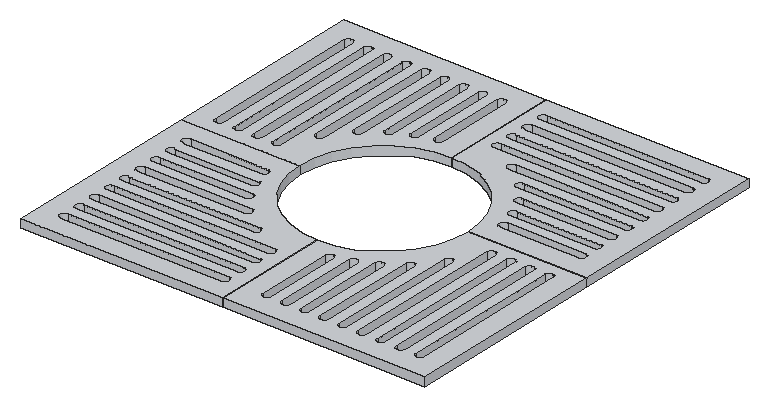
Revit family "Приствольная решётка (квадратная) Р-03", category Антураж, Revit 2017
Family settings
  На основе рабочей плоскости = Нет
  Всегда вертикально = Да
  При загрузке вырезать с полостями = Нет
  Источник визуального образа = Геометрия семейства
  Общий = Нет
  Точка расчета площади = Нет
Parameters (values of type "Приствольная решётка (квадратная) Р-03 Ø1200")
  Стоимость = 19375
  Изготовитель = "ООО \"Хоббика\""
  Высота = 0 mm
  URL = "https://hobbyka.ru/product/pristvolnaya_reshetka_kvadratnaya_r03/?sphrase_id=70594"
  ADSK_Размер_Ширина = 1200 mm
  ADSK_Размер_Длина = 1200 mm
  ADSK_Размер_Высота = 25 mm
  ADSK_Наименование = "Приствольная решётка (квадратная) Р-03"
  ADSK_Материал решетки = Чугун, серый
  ADSK_Код изделия = "10267"
  1200 = yes
  1000 = no
Types (3, lengths in mm): name | Стоимость | ADSK_Размер_Ширина | ADSK_Размер_Длина | 1000
  (no name) | 19375 | 1200 | 1200 | no
  Приствольная решётка (квадратная) Р-03 Ø1000 | 12864 | 1000 | 1000 | yes
  Приствольная решётка (квадратная) Р-03 Ø1200 | 19375 | 1200 | 1200 | no
Reference planes
  plane 1 "По центру (Вперед/Назад)": y = 0
  plane 2: z = 0
  plane 3 "По центру (Влево/Вправо)": x = 0
Forms (mm)
  Extrusion 1, solid, material "Чугун, серый" <- "ADSK_Материал решетки", visible <- "1000"
    sketch origin (0, 0, 0) x (1, 0, 0) y (0, 1, 0)
      loop
        line (0, 500) -> (0, 250)
        arc (0, 250) -> (176.777, 176.777) -> (250, 0) r 250
        line (250, 0) -> (500, 0) -> (500, 500) -> (0, 500)
      loop
        arc (41, 450) -> (30, 439) -> (41, 428) r 11
        line (41, 428) -> (439, 428)
        arc (439, 428) -> (450, 439) -> (439, 450) r 11
        line (439, 450) -> (41, 450)
      loop
        line (439, 402.75) -> (41, 402.75)
        arc (41, 402.75) -> (30, 391.75) -> (41, 380.75) r 11
        line (41, 380.75) -> (439, 380.75)
        arc (439, 380.75) -> (450, 391.75) -> (439, 402.75) r 11
      loop
        line (439, 355.5) -> (41, 355.5)
        arc (41, 355.5) -> (30, 344.5) -> (41, 333.5) r 11
        line (41, 333.5) -> (439, 333.5)
        arc (439, 333.5) -> (450, 344.5) -> (439, 355.5) r 11
      loop
        line (439, 308.25) -> (41, 308.25)
        arc (41, 308.25) -> (30, 297.25) -> (41, 286.25) r 11
        line (41, 286.25) -> (439, 286.25)
        arc (439, 286.25) -> (450, 297.25) -> (439, 308.25) r 11
      loop
        line (439, 261) -> (157.034, 261)
        arc (157.034, 261) -> (146.034, 250) -> (157.034, 239) r 11
        line (157.034, 239) -> (439, 239)
        arc (439, 239) -> (450, 250) -> (439, 261) r 11
      loop
        line (439, 213.75) -> (215.357, 213.75)
        arc (215.357, 213.75) -> (204.357, 202.75) -> (215.357, 191.75) r 11
        line (215.357, 191.75) -> (439, 191.75)
        arc (439, 191.75) -> (450, 202.75) -> (439, 213.75) r 11
      loop
        line (439, 166.5) -> (251.349, 166.5)
        arc (251.349, 166.5) -> (240.349, 155.5) -> (251.349, 144.5) r 11
        line (251.349, 144.5) -> (439, 144.5)
        arc (439, 144.5) -> (450, 155.5) -> (439, 166.5) r 11
      loop
        line (439, 119.25) -> (273.06, 119.25)
        arc (273.06, 119.25) -> (262.06, 108.25) -> (273.06, 97.25) r 11
        line (273.06, 97.25) -> (439, 97.25)
        arc (439, 97.25) -> (450, 108.25) -> (439, 119.25) r 11
      loop
        arc (287.969, 72) -> (276.969, 61) -> (287.969, 50) r 11
        line (287.969, 50) -> (439.01, 50)
        arc (439.01, 50) -> (450, 61.005) -> (439, 72) r 11
        line (439, 72) -> (287.969, 72)
    from 0 to 25
  Extrusion 2, solid, material "Чугун, серый" <- "ADSK_Материал решетки", visible <- "1000"
    sketch origin (0, 0, 0) x (-1, 0, 0) y (0, -1, 0)
      loop
        line (0, 500) -> (0, 250)
        arc (0, 250) -> (176.777, 176.777) -> (250, 0) r 250
        line (250, 0) -> (500, 0) -> (500, 500) -> (0, 500)
      loop
        arc (41, 450) -> (30, 439) -> (41, 428) r 11
        line (41, 428) -> (439, 428)
        arc (439, 428) -> (450, 439) -> (439, 450) r 11
        line (439, 450) -> (41, 450)
      loop
        line (439, 402.75) -> (41, 402.75)
        arc (41, 402.75) -> (30, 391.75) -> (41, 380.75) r 11
        line (41, 380.75) -> (439, 380.75)
        arc (439, 380.75) -> (450, 391.75) -> (439, 402.75) r 11
      loop
        line (439, 355.5) -> (41, 355.5)
        arc (41, 355.5) -> (30, 344.5) -> (41, 333.5) r 11
        line (41, 333.5) -> (439, 333.5)
        arc (439, 333.5) -> (450, 344.5) -> (439, 355.5) r 11
      loop
        line (439, 308.25) -> (41, 308.25)
        arc (41, 308.25) -> (30, 297.25) -> (41, 286.25) r 11
        line (41, 286.25) -> (439, 286.25)
        arc (439, 286.25) -> (450, 297.25) -> (439, 308.25) r 11
      loop
        line (439, 261) -> (157.034, 261)
        arc (157.034, 261) -> (146.034, 250) -> (157.034, 239) r 11
        line (157.034, 239) -> (439, 239)
        arc (439, 239) -> (450, 250) -> (439, 261) r 11
      loop
        line (439, 213.75) -> (215.357, 213.75)
        arc (215.357, 213.75) -> (204.357, 202.75) -> (215.357, 191.75) r 11
        line (215.357, 191.75) -> (439, 191.75)
        arc (439, 191.75) -> (450, 202.75) -> (439, 213.75) r 11
      loop
        line (439, 166.5) -> (251.349, 166.5)
        arc (251.349, 166.5) -> (240.349, 155.5) -> (251.349, 144.5) r 11
        line (251.349, 144.5) -> (439, 144.5)
        arc (439, 144.5) -> (450, 155.5) -> (439, 166.5) r 11
      loop
        line (439, 119.25) -> (273.06, 119.25)
        arc (273.06, 119.25) -> (262.06, 108.25) -> (273.06, 97.25) r 11
        line (273.06, 97.25) -> (439, 97.25)
        arc (439, 97.25) -> (450, 108.25) -> (439, 119.25) r 11
      loop
        arc (287.969, 72) -> (276.969, 61) -> (287.969, 50) r 11
        line (287.969, 50) -> (439.01, 50)
        arc (439.01, 50) -> (450, 61.005) -> (439, 72) r 11
        line (439, 72) -> (287.969, 72)
    from 0 to 25
  Extrusion 3, solid, material "Чугун, серый" <- "ADSK_Материал решетки", visible <- "1000"
    sketch origin (0, 0, 0) x (0, 1, 0) y (-1, 0, 0)
      loop
        line (0, 500) -> (0, 250)
        arc (0, 250) -> (176.777, 176.777) -> (250, 0) r 250
        line (250, 0) -> (500, 0) -> (500, 500) -> (0, 500)
      loop
        arc (41, 450) -> (30, 439) -> (41, 428) r 11
        line (41, 428) -> (439, 428)
        arc (439, 428) -> (450, 439) -> (439, 450) r 11
        line (439, 450) -> (41, 450)
      loop
        line (439, 402.75) -> (41, 402.75)
        arc (41, 402.75) -> (30, 391.75) -> (41, 380.75) r 11
        line (41, 380.75) -> (439, 380.75)
        arc (439, 380.75) -> (450, 391.75) -> (439, 402.75) r 11
      loop
        line (439, 355.5) -> (41, 355.5)
        arc (41, 355.5) -> (30, 344.5) -> (41, 333.5) r 11
        line (41, 333.5) -> (439, 333.5)
        arc (439, 333.5) -> (450, 344.5) -> (439, 355.5) r 11
      loop
        line (439, 308.25) -> (41, 308.25)
        arc (41, 308.25) -> (30, 297.25) -> (41, 286.25) r 11
        line (41, 286.25) -> (439, 286.25)
        arc (439, 286.25) -> (450, 297.25) -> (439, 308.25) r 11
      loop
        line (439, 261) -> (157.034, 261)
        arc (157.034, 261) -> (146.034, 250) -> (157.034, 239) r 11
        line (157.034, 239) -> (439, 239)
        arc (439, 239) -> (450, 250) -> (439, 261) r 11
      loop
        line (439, 213.75) -> (215.357, 213.75)
        arc (215.357, 213.75) -> (204.357, 202.75) -> (215.357, 191.75) r 11
        line (215.357, 191.75) -> (439, 191.75)
        arc (439, 191.75) -> (450, 202.75) -> (439, 213.75) r 11
      loop
        line (439, 166.5) -> (251.349, 166.5)
        arc (251.349, 166.5) -> (240.349, 155.5) -> (251.349, 144.5) r 11
        line (251.349, 144.5) -> (439, 144.5)
        arc (439, 144.5) -> (450, 155.5) -> (439, 166.5) r 11
      loop
        line (439, 119.25) -> (273.06, 119.25)
        arc (273.06, 119.25) -> (262.06, 108.25) -> (273.06, 97.25) r 11
        line (273.06, 97.25) -> (439, 97.25)
        arc (439, 97.25) -> (450, 108.25) -> (439, 119.25) r 11
      loop
        arc (287.969, 72) -> (276.969, 61) -> (287.969, 50) r 11
        line (287.969, 50) -> (439.01, 50)
        arc (439.01, 50) -> (450, 61.005) -> (439, 72) r 11
        line (439, 72) -> (287.969, 72)
    from 0 to 25
  Extrusion 4, solid, material "Чугун, серый" <- "ADSK_Материал решетки", visible <- "1000"
    sketch origin (0, 0, 0) x (1, 0, 0) y (0, 1, 0)
      loop
        line (0, -500) -> (500, -500) -> (500, 0) -> (250, 0)
        arc (250, 0) -> (176.777, -176.777) -> (0, -250) r 250
        line (0, -250) -> (0, -500)
      loop
        line (41, -450) -> (439, -450)
        arc (439, -450) -> (450, -439) -> (439, -428) r 11
        line (439, -428) -> (41, -428)
        arc (41, -428) -> (30, -439) -> (41, -450) r 11
      loop
        arc (439, -402.75) -> (450, -391.75) -> (439, -380.75) r 11
        line (439, -380.75) -> (41, -380.75)
        arc (41, -380.75) -> (30, -391.75) -> (41, -402.75) r 11
        line (41, -402.75) -> (439, -402.75)
      loop
        arc (439, -355.5) -> (450, -344.5) -> (439, -333.5) r 11
        line (439, -333.5) -> (41, -333.5)
        arc (41, -333.5) -> (30, -344.5) -> (41, -355.5) r 11
        line (41, -355.5) -> (439, -355.5)
      loop
        arc (439, -308.25) -> (450, -297.25) -> (439, -286.25) r 11
        line (439, -286.25) -> (41, -286.25)
        arc (41, -286.25) -> (30, -297.25) -> (41, -308.25) r 11
        line (41, -308.25) -> (439, -308.25)
      loop
        arc (439, -261) -> (450, -250) -> (439, -239) r 11
        line (439, -239) -> (157.034, -239)
        arc (157.034, -239) -> (146.034, -250) -> (157.034, -261) r 11
        line (157.034, -261) -> (439, -261)
      loop
        arc (439, -213.75) -> (450, -202.75) -> (439, -191.75) r 11
        line (439, -191.75) -> (215.357, -191.75)
        arc (215.357, -191.75) -> (204.357, -202.75) -> (215.357, -213.75) r 11
        line (215.357, -213.75) -> (439, -213.75)
      loop
        arc (439, -166.5) -> (450, -155.5) -> (439, -144.5) r 11
        line (439, -144.5) -> (251.349, -144.5)
        arc (251.349, -144.5) -> (240.349, -155.5) -> (251.349, -166.5) r 11
        line (251.349, -166.5) -> (439, -166.5)
      loop
        arc (439, -119.25) -> (450, -108.25) -> (439, -97.25) r 11
        line (439, -97.25) -> (273.06, -97.25)
        arc (273.06, -97.25) -> (262.06, -108.25) -> (273.06, -119.25) r 11
        line (273.06, -119.25) -> (439, -119.25)
      loop
        line (287.969, -72) -> (439, -72)
        arc (439, -72) -> (450, -61.005) -> (439.01, -50) r 11
        line (439.01, -50) -> (287.969, -50)
        arc (287.969, -50) -> (276.969, -61) -> (287.969, -72) r 11
    from 0 to 25
  Extrusion 5, solid, visible <- "1200"
    sketch origin (0, 0, 0) x (0, -1, 0) y (1, 0, 0)
      loop
        line (250, 0) -> (600, 0) -> (600, 599.966) -> (0, 599.966) -> (0, 250)
        arc (0, 250) -> (176.777, 176.777) -> (250, 0) r 250
      loop
        arc (49.2, 540.758) -> (36, 527.558) -> (49.2, 514.358) r 13.2
        line (49.2, 514.358) -> (526.8, 514.358)
        arc (526.8, 514.358) -> (540, 527.558) -> (526.8, 540.758) r 13.2
        line (526.8, 540.758) -> (49.2, 540.758)
      loop
        arc (49.2, 484.058) -> (36, 470.858) -> (49.2, 457.658) r 13.2
        line (49.2, 457.658) -> (526.8, 457.658)
        arc (526.8, 457.658) -> (540, 470.858) -> (526.8, 484.058) r 13.2
        line (526.8, 484.058) -> (49.2, 484.058)
      loop
        arc (49.2, 427.358) -> (36, 414.158) -> (49.2, 400.958) r 13.2
        line (49.2, 400.958) -> (526.8, 400.958)
        arc (526.8, 400.958) -> (540, 414.158) -> (526.8, 427.358) r 13.2
        line (526.8, 427.358) -> (49.2, 427.358)
      loop
        arc (49.2, 370.658) -> (36, 357.458) -> (49.2, 344.258) r 13.2
        line (49.2, 344.258) -> (526.8, 344.258)
        arc (526.8, 344.258) -> (540, 357.458) -> (526.8, 370.658) r 13.2
        line (526.8, 370.658) -> (49.2, 370.658)
      loop
        arc (138.441, 313.958) -> (125.241, 300.758) -> (138.441, 287.558) r 13.2
        line (138.441, 287.558) -> (526.8, 287.558)
        arc (526.8, 287.558) -> (540, 300.758) -> (526.8, 313.958) r 13.2
        line (526.8, 313.958) -> (138.441, 313.958)
      loop
        line (526.8, 257.258) -> (208.429, 257.258)
        arc (208.429, 257.258) -> (195.229, 244.058) -> (208.429, 230.858) r 13.2
        line (208.429, 230.858) -> (526.8, 230.858)
        arc (526.8, 230.858) -> (540, 244.058) -> (526.8, 257.258) r 13.2
      loop
        line (526.8, 200.558) -> (251.619, 200.558)
        arc (251.619, 200.558) -> (238.419, 187.358) -> (251.619, 174.158) r 13.2
        line (251.619, 174.158) -> (526.8, 174.158)
        arc (526.8, 174.158) -> (540, 187.358) -> (526.8, 200.558) r 13.2
      loop
        line (526.8, 143.858) -> (277.672, 143.858)
        arc (277.672, 143.858) -> (264.472, 130.658) -> (277.672, 117.458) r 13.2
        line (277.672, 117.458) -> (526.8, 117.458)
        arc (526.8, 117.458) -> (540, 130.658) -> (526.8, 143.858) r 13.2
      loop
        arc (295.563, 87.158) -> (282.363, 73.958) -> (295.563, 60.758) r 13.2
        line (295.563, 60.758) -> (526.782, 60.758)
        arc (526.782, 60.758) -> (540, 73.949) -> (526.8, 87.158) r 13.2
        line (526.8, 87.158) -> (295.563, 87.158)
    from 0 to 25
  Extrusion 6, solid, visible <- "1200"
    sketch origin (0, 0, 0) x (0, 1, 0) y (-1, 0, 0)
      loop
        line (250, 0) -> (600, 0) -> (600, 599.966) -> (0, 599.966) -> (0, 250)
        arc (0, 250) -> (176.777, 176.777) -> (250, 0) r 250
      loop
        arc (49.2, 540.758) -> (36, 527.558) -> (49.2, 514.358) r 13.2
        line (49.2, 514.358) -> (526.8, 514.358)
        arc (526.8, 514.358) -> (540, 527.558) -> (526.8, 540.758) r 13.2
        line (526.8, 540.758) -> (49.2, 540.758)
      loop
        arc (49.2, 484.058) -> (36, 470.858) -> (49.2, 457.658) r 13.2
        line (49.2, 457.658) -> (526.8, 457.658)
        arc (526.8, 457.658) -> (540, 470.858) -> (526.8, 484.058) r 13.2
        line (526.8, 484.058) -> (49.2, 484.058)
      loop
        arc (49.2, 427.358) -> (36, 414.158) -> (49.2, 400.958) r 13.2
        line (49.2, 400.958) -> (526.8, 400.958)
        arc (526.8, 400.958) -> (540, 414.158) -> (526.8, 427.358) r 13.2
        line (526.8, 427.358) -> (49.2, 427.358)
      loop
        arc (49.2, 370.658) -> (36, 357.458) -> (49.2, 344.258) r 13.2
        line (49.2, 344.258) -> (526.8, 344.258)
        arc (526.8, 344.258) -> (540, 357.458) -> (526.8, 370.658) r 13.2
        line (526.8, 370.658) -> (49.2, 370.658)
      loop
        arc (138.441, 313.958) -> (125.241, 300.758) -> (138.441, 287.558) r 13.2
        line (138.441, 287.558) -> (526.8, 287.558)
        arc (526.8, 287.558) -> (540, 300.758) -> (526.8, 313.958) r 13.2
        line (526.8, 313.958) -> (138.441, 313.958)
      loop
        line (526.8, 257.258) -> (208.429, 257.258)
        arc (208.429, 257.258) -> (195.229, 244.058) -> (208.429, 230.858) r 13.2
        line (208.429, 230.858) -> (526.8, 230.858)
        arc (526.8, 230.858) -> (540, 244.058) -> (526.8, 257.258) r 13.2
      loop
        line (526.8, 200.558) -> (251.619, 200.558)
        arc (251.619, 200.558) -> (238.419, 187.358) -> (251.619, 174.158) r 13.2
        line (251.619, 174.158) -> (526.8, 174.158)
        arc (526.8, 174.158) -> (540, 187.358) -> (526.8, 200.558) r 13.2
      loop
        line (526.8, 143.858) -> (277.672, 143.858)
        arc (277.672, 143.858) -> (264.472, 130.658) -> (277.672, 117.458) r 13.2
        line (277.672, 117.458) -> (526.8, 117.458)
        arc (526.8, 117.458) -> (540, 130.658) -> (526.8, 143.858) r 13.2
      loop
        arc (295.563, 87.158) -> (282.363, 73.958) -> (295.563, 60.758) r 13.2
        line (295.563, 60.758) -> (526.782, 60.758)
        arc (526.782, 60.758) -> (540, 73.949) -> (526.8, 87.158) r 13.2
        line (526.8, 87.158) -> (295.563, 87.158)
    from 0 to 25
  Extrusion 7, solid, visible <- "1200"
    sketch origin (0, 0, 0) x (-1, 0, 0) y (0, -1, 0)
      loop
        line (250, 0) -> (600, 0) -> (600, 599.966) -> (0, 599.966) -> (0, 250)
        arc (0, 250) -> (176.777, 176.777) -> (250, 0) r 250
      loop
        arc (49.2, 540.758) -> (36, 527.558) -> (49.2, 514.358) r 13.2
        line (49.2, 514.358) -> (526.8, 514.358)
        arc (526.8, 514.358) -> (540, 527.558) -> (526.8, 540.758) r 13.2
        line (526.8, 540.758) -> (49.2, 540.758)
      loop
        arc (49.2, 484.058) -> (36, 470.858) -> (49.2, 457.658) r 13.2
        line (49.2, 457.658) -> (526.8, 457.658)
        arc (526.8, 457.658) -> (540, 470.858) -> (526.8, 484.058) r 13.2
        line (526.8, 484.058) -> (49.2, 484.058)
      loop
        arc (49.2, 427.358) -> (36, 414.158) -> (49.2, 400.958) r 13.2
        line (49.2, 400.958) -> (526.8, 400.958)
        arc (526.8, 400.958) -> (540, 414.158) -> (526.8, 427.358) r 13.2
        line (526.8, 427.358) -> (49.2, 427.358)
      loop
        arc (49.2, 370.658) -> (36, 357.458) -> (49.2, 344.258) r 13.2
        line (49.2, 344.258) -> (526.8, 344.258)
        arc (526.8, 344.258) -> (540, 357.458) -> (526.8, 370.658) r 13.2
        line (526.8, 370.658) -> (49.2, 370.658)
      loop
        arc (138.441, 313.958) -> (125.241, 300.758) -> (138.441, 287.558) r 13.2
        line (138.441, 287.558) -> (526.8, 287.558)
        arc (526.8, 287.558) -> (540, 300.758) -> (526.8, 313.958) r 13.2
        line (526.8, 313.958) -> (138.441, 313.958)
      loop
        line (526.8, 257.258) -> (208.429, 257.258)
        arc (208.429, 257.258) -> (195.229, 244.058) -> (208.429, 230.858) r 13.2
        line (208.429, 230.858) -> (526.8, 230.858)
        arc (526.8, 230.858) -> (540, 244.058) -> (526.8, 257.258) r 13.2
      loop
        line (526.8, 200.558) -> (251.619, 200.558)
        arc (251.619, 200.558) -> (238.419, 187.358) -> (251.619, 174.158) r 13.2
        line (251.619, 174.158) -> (526.8, 174.158)
        arc (526.8, 174.158) -> (540, 187.358) -> (526.8, 200.558) r 13.2
      loop
        line (526.8, 143.858) -> (277.672, 143.858)
        arc (277.672, 143.858) -> (264.472, 130.658) -> (277.672, 117.458) r 13.2
        line (277.672, 117.458) -> (526.8, 117.458)
        arc (526.8, 117.458) -> (540, 130.658) -> (526.8, 143.858) r 13.2
      loop
        arc (295.563, 87.158) -> (282.363, 73.958) -> (295.563, 60.758) r 13.2
        line (295.563, 60.758) -> (526.782, 60.758)
        arc (526.782, 60.758) -> (540, 73.949) -> (526.8, 87.158) r 13.2
        line (526.8, 87.158) -> (295.563, 87.158)
    from 0 to 25
  Extrusion 8, solid, visible <- "1200"
    sketch origin (0, 0, 0) x (1, 0, 0) y (0, 1, 0)
      loop
        line (250, 0) -> (600, 0) -> (600, 599.966) -> (0, 599.966) -> (0, 250)
        arc (0, 250) -> (176.777, 176.777) -> (250, 0) r 250
      loop
        arc (49.2, 540.758) -> (36, 527.558) -> (49.2, 514.358) r 13.2
        line (49.2, 514.358) -> (526.8, 514.358)
        arc (526.8, 514.358) -> (540, 527.558) -> (526.8, 540.758) r 13.2
        line (526.8, 540.758) -> (49.2, 540.758)
      loop
        arc (49.2, 484.058) -> (36, 470.858) -> (49.2, 457.658) r 13.2
        line (49.2, 457.658) -> (526.8, 457.658)
        arc (526.8, 457.658) -> (540, 470.858) -> (526.8, 484.058) r 13.2
        line (526.8, 484.058) -> (49.2, 484.058)
      loop
        arc (49.2, 427.358) -> (36, 414.158) -> (49.2, 400.958) r 13.2
        line (49.2, 400.958) -> (526.8, 400.958)
        arc (526.8, 400.958) -> (540, 414.158) -> (526.8, 427.358) r 13.2
        line (526.8, 427.358) -> (49.2, 427.358)
      loop
        arc (49.2, 370.658) -> (36, 357.458) -> (49.2, 344.258) r 13.2
        line (49.2, 344.258) -> (526.8, 344.258)
        arc (526.8, 344.258) -> (540, 357.458) -> (526.8, 370.658) r 13.2
        line (526.8, 370.658) -> (49.2, 370.658)
      loop
        arc (138.441, 313.958) -> (125.241, 300.758) -> (138.441, 287.558) r 13.2
        line (138.441, 287.558) -> (526.8, 287.558)
        arc (526.8, 287.558) -> (540, 300.758) -> (526.8, 313.958) r 13.2
        line (526.8, 313.958) -> (138.441, 313.958)
      loop
        line (526.8, 257.258) -> (208.429, 257.258)
        arc (208.429, 257.258) -> (195.229, 244.058) -> (208.429, 230.858) r 13.2
        line (208.429, 230.858) -> (526.8, 230.858)
        arc (526.8, 230.858) -> (540, 244.058) -> (526.8, 257.258) r 13.2
      loop
        line (526.8, 200.558) -> (251.619, 200.558)
        arc (251.619, 200.558) -> (238.419, 187.358) -> (251.619, 174.158) r 13.2
        line (251.619, 174.158) -> (526.8, 174.158)
        arc (526.8, 174.158) -> (540, 187.358) -> (526.8, 200.558) r 13.2
      loop
        line (526.8, 143.858) -> (277.672, 143.858)
        arc (277.672, 143.858) -> (264.472, 130.658) -> (277.672, 117.458) r 13.2
        line (277.672, 117.458) -> (526.8, 117.458)
        arc (526.8, 117.458) -> (540, 130.658) -> (526.8, 143.858) r 13.2
      loop
        arc (295.563, 87.158) -> (282.363, 73.958) -> (295.563, 60.758) r 13.2
        line (295.563, 60.758) -> (526.782, 60.758)
        arc (526.782, 60.758) -> (540, 73.949) -> (526.8, 87.158) r 13.2
        line (526.8, 87.158) -> (295.563, 87.158)
    from 0 to 25
Dimensions and locks
  aligned and locked: level to plane 2
